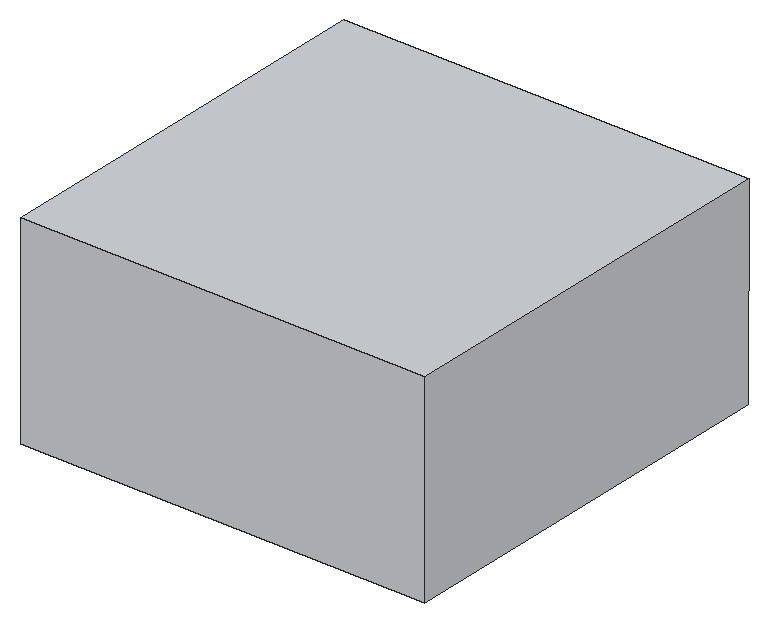
Revit family "Junction Box", category Electrical Fixtures, host Face, Revit 2025
Family settings
  Host = Face
  Round Connector Dimension = Use Diameter
  Part Type = Junction Box
  Cut with Voids When Loaded = No
  Maintain Annotation Orientation = Yes
  Shared = No
  Room Calculation Point = No
Parameters (values of type "Wall Mounted")
  Width = 3"
  Wall Mounted = not(Face Mounted)  # yes
  Symbol Distance [instance] = 0"
  Height = 3"
  Face Mounted = no
  Depth - Top = Depth * 2 / 3  # 1"
  Depth - Back = Depth * 1 / 3  # 1/2"
  Depth = 1 1/2"
  Default Elevation = 48"
Types (2): name | Wall Mounted | Face Mounted
  Face Mounted | no | yes
  Wall Mounted | yes | no
Reference planes (in)
  plane 1 "Center (Front/Back)": y = 0
  plane 2: z = 0
  plane 3 "Center (Left/Right)": x = 0
  plane 4: z = 1
  plane 5 "base": z = -0.5
Forms (in)
  Extrusion 1, solid, detail levels medium+fine
    sketch origin (0, 0, -0.5) x (-1, 0, 0) y (0, -1, 0)
      loop
        line (1.5, -1.5) -> (1.5, 1.5) -> (-1.5, 1.5) -> (-1.5, -1.5) -> (1.5, -1.5)
    from 0 to 1.5
Dimensions and locks (in)
  equal spacing: Extrusion 1 sketch curve, plane 3 "Center (Left/Right)", Extrusion 1 sketch curve
  "Width": Extrusion 1 sketch curve to Extrusion 1 sketch curve
  "Height": Extrusion 1 sketch curve to Extrusion 1 sketch curve
  equal spacing: Extrusion 1 sketch curve, plane 1 "Center (Front/Back)", Extrusion 1 sketch curve
  "Depth - Back": plane 2 to plane 5 "base"
  "Depth - Top": plane 4 to plane 2
  aligned and locked: plane 2 to host face
  aligned and locked: level to host face
  aligned and locked: plane 4 to Extrusion 1
Automatic sketch dimensions
  host sketch curve to host sketch curve = 96"  (x2)
Nested families (in)
  nested 1: "Face Mounted" at (0, 0, 0), visible <- "Face Mounted", type "Standard"
  nested 2: "Wall Mounted" at (0, 0, 0), visible <- "Wall Mounted", type "Standard"
Connectors (in)
  electrical at (0, 0, 1)
    settings: on Extrusion 1, index 1, voltage 0 V, apparent load 0 VA, apparent load phase1 0 VA, apparent load phase2 0 VA, apparent load phase3 0 VA, power factor 1, load classification "Other", number of poles 1, system type 31, power factor state 1, is connector primary yes, connector utility no, sub classification motor no, connector description ""
Definition of nested family "Face Mounted"
  Reference planes (in)
    plane 1: y = 0
    plane 2: x = 0
  Lines and regions (in)
    detail lines
      curve 1: circle (0, 0, 0) r 0.125 normal (0, 0, 1)
  Text (in)
    text "J" at (-0.04715, 0.09824, 0)
Definition of nested family "Wall Mounted"
  Parameters (values of type "Standard")
    Symbol Distance = 0"
  Reference planes (in)
    plane 1: y = 0
    plane 2: x = 0
  Lines and regions (in)
    detail lines
      curve 1: circle (0, 0.125, 0) r 0.125 normal (0, 0, 1)
    reference lines
      curve 2: line (-0.1189, 0, 0) -> (0.1311, 0, 0)
    detail lines, not visible
      curve 3: circle (0, 0.125, 0) r 0.125 normal (0, 0, 1)
    reference lines, not visible
      curve 4: line (-0.1189, 0, 0) -> (0.1311, 0, 0)
  Text (in)
    text "J" at (-0.04715, 0.22324, 0)
    text "J" at (-0.04715, 0.22324, 0), not visible
  Dimensions and locks (in)
    "Symbol Distance": plane 1 to curve 2
